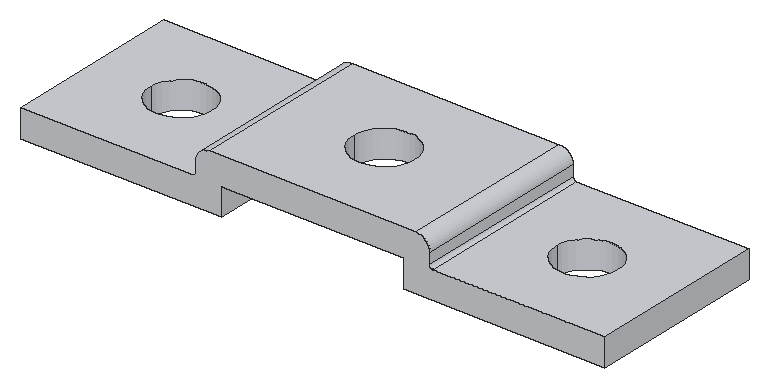
Revit family "Fitting-U_Shape-Unistrut-P1455", category Specialty Equipment, Revit 2012
Parameters (values of type "P1455")
  ecoScorecard_data = "http://products.ecoscorecard.com/atkore/P1455"
  ecoScorecard Product Page = "http://products.ecoscorecard.com/atkore/P1455?action=html"
  Weight Per Piece = 0.58 lbf
  Unit = none
  Unistrut Part Number = "P1455"  # constant formula
  URL = "http://unistrut.us/index.php"
  Thickness = 1/4"
  Subcategory = "U Shape Fittings"
  Product Page URL = "http://unistrut.us/index.php?WP=cat_detail&S=S05&P=P1455"
  Power Strut Part Number = "PS 709"  # constant formula
  Part Type = "Fitting"  # constant formula
  Overall Width = 5 5/16"
  Overall Length = 1/2"
  Overall Height = 1 5/8"
  Model = "P1455"
  Material = ""
  Manufacturer Phone - Toll Free = "800-882-5543"  # constant formula
  Manufacturer Phone = "708-339-1610"  # constant formula
  Manufacturer Fax = "708-339-7814"  # constant formula
  Manufacturer Email = "mailto:jshaw@atkore.com"
  Manufacturer Address = "16100 South Lathrop Avenue, Harvey, IL 60426"  # constant formula
  Manufacturer = "Unistrut by Atkore International"  # constant formula
  Load Capacity Note = "Visit the product page for load application and capacity."  # constant formula
  Literature URL = "http://unistrut.us/index.php?WP=LItLibrary"
  Length = 0"
  Hole Diameter = 9/16"
  Default Elevation = 48"
  Cost Info = "mailto:jshaw@atkore.com"
  Construction Note = ""
  Category = "Specialty Equipment"  # constant formula
  CAD URL = "http://unistrut.us/index.php?WP=CAD3d"
  Assembly Code = "D5020100"
  Angle = 0.00°
  95 CSI = "16070"  # constant formula
  04 CSI = "26 05 48"  # constant formula
Reference planes (in)
  plane 1 "Center (Front/Back)": y = 0
  plane 2: z = 0
  plane 3 "Center (Left/Right)": x = 0
  plane 4: y = 0.8125
  plane 5: y = -0.8125
  plane 6: x = 2.65625
  plane 7: x = -2.65625
  plane 8: z = 0.5
  plane 9: z = 0.25
  plane 10: x = -1.84375
  plane 11: x = 1.84375
Dimensions and locks (in)
  equal spacing: plane 5, plane 1 "Center (Front/Back)", plane 4
  equal spacing: plane 7, plane 3 "Center (Left/Right)", plane 6
  "Overall Width": plane 7 to plane 6
  "Overall Length": plane 8 to plane 2
  "Overall Height": plane 5 to plane 4
  aligned and locked: level to plane 2
  aligned and locked: plane 3 "Center (Left/Right)" to nested 1
  aligned and locked: plane 1 "Center (Front/Back)" to nested 1
Nested families (in)
  nested 1: "1455" at (0, 0, 0), type "1455"
Definition of nested family "1455"
  Parameters (values of type "1455")
    Unit = none
    URL = ""
    Thickness = 1/4"
    Subcategory = ""
    Product Page URL = ""
    Overall Width = 5 5/16"
    Overall Length = 1/2"
    Overall Height = 1 5/8"
    Model = "P1455"
    Material = ""
    Manufacturer = ""
    Length = 0"
    Hole Radius = 9/32"
    Hole Diameter = Hole Radius * 2  # 9/16"
    Assembly Code = ""
  Reference planes (in)
    plane 1 "Center (Front/Back)": y = 0
    plane 2: z = 0
    plane 3 "Center (Left/Right)": x = 0
    plane 4: y = 0.8125
    plane 5: y = -0.8125
    plane 6: x = -2.65625
    plane 7: x = 0.82813
    plane 8: x = 2.65625
    plane 9: z = 0.75
    plane 10: x = -0.82813
    plane 11: x = -1.0625
    plane 12: x = 1.0625
    plane 13: z = 0.25
    plane 14: z = 0.5
  Forms (in)
    Extrusion 1, solid, material <- "Unit"
      sketch origin (0, 0, 0) x (1, 0, 0) y (0, 0, 1)
        loop
          line (-2.65625, 0) -> (-0.82813, 0) -> (-0.82813, 0.25) -> (0.82813, 0.25) -> (0.82813, 0) -> (2.65625, 0) -> (2.65625, 0.25) -> (1.09375, 0.25)
          arc (1.09375, 0.25) -> (1.07165, 0.25915) -> (1.0625, 0.28125) r 0.03125
          line (1.0625, 0.28125) -> (1.0625, 0.375)
          arc (1.0625, 0.375) -> (1.02589, 0.46339) -> (0.9375, 0.5) r 0.125
          line (0.9375, 0.5) -> (-0.9375, 0.5)
          arc (-0.9375, 0.5) -> (-1.02589, 0.46339) -> (-1.0625, 0.375) r 0.125
          line (-1.0625, 0.375) -> (-1.0625, 0.28125)
          arc (-1.0625, 0.28125) -> (-1.07165, 0.25915) -> (-1.09375, 0.25) r 0.03125
          line (-1.09375, 0.25) -> (-2.65625, 0.25) -> (-2.65625, 0)
      from -0.8125 to 0.8125
    Extrusion 2, void
      sketch origin (0, 0, 0) x (1, 0, 0) y (0, 1, 0)
        loop
          circle (-1.84375, 0) r 0.28125
        loop
          circle (1.84375, 0) r 0.28125
      from 0 to 0.25
    Extrusion 3, void
      sketch origin (0, 0, 0) x (1, 0, 0) y (0, 1, 0)
        loop
          circle (0, 0) r 0.28125
      from -0.37967 to 0.75
  Cuts and joins
    Extrusion 2, Extrusion 3 cuts Extrusion 1
  Dimensions and locks (in)
    equal spacing: plane 5, plane 1 "Center (Front/Back)", plane 4
    "Overall Height": plane 4 to plane 5
    "Overall Length": plane 14 to plane 2
    "Thickness": plane 9 to plane 14
    equal spacing: plane 6, plane 3 "Center (Left/Right)", plane 8
    "Overall Width": plane 6 to plane 8
    "Thickness": plane 13 to level
    plane 6 to Extrusion 2 sketch curve = 13/16"
    Extrusion 2 sketch curve to plane 8 = 13/16"
    aligned and locked: level to plane 2
    aligned and locked: plane 6 to Extrusion 1 sketch curve
    aligned and locked: Extrusion 1 sketch curve to plane 13
    aligned and locked: Extrusion 1 sketch curve to plane 2
    aligned and locked: plane 7 to Extrusion 1 sketch curve
    aligned and locked: Extrusion 1 sketch curve to plane 10
    aligned and locked: Extrusion 1 sketch curve to plane 11
    aligned and locked: Extrusion 1 sketch curve to plane 8
    aligned and locked: plane 4 to Extrusion 1
    aligned and locked: plane 5 to Extrusion 1
    aligned and locked: Extrusion 1 sketch curve to plane 14
    aligned and locked: plane 9 to Extrusion 3
    aligned and locked: plane 13 to Extrusion 2
    aligned and locked: plane 1 "Center (Front/Back)" to Extrusion 3 sketch curve
    aligned and locked: plane 3 "Center (Left/Right)" to Extrusion 3 sketch curve
  Automatic sketch dimensions
    Extrusion 1 sketch curve to plane 13 = 0"  (x2)
    Extrusion 1 sketch curve to level = 0"
    Extrusion 1 sketch curve to plane 14 = 1/8"
    Extrusion 1 sketch curve to Extrusion 1 sketch curve = 1/32"  (x2)
    plane 10 to Extrusion 1 sketch curve = 7/64"
    Extrusion 1 sketch curve to plane 12 = 0"
    plane 1 "Center (Front/Back)" to Extrusion 2 sketch curve = 0"  (x2)
    radius of Extrusion 2 sketch curve = 9/32"  (x2)
    radius of Extrusion 3 sketch curve = 9/32"
